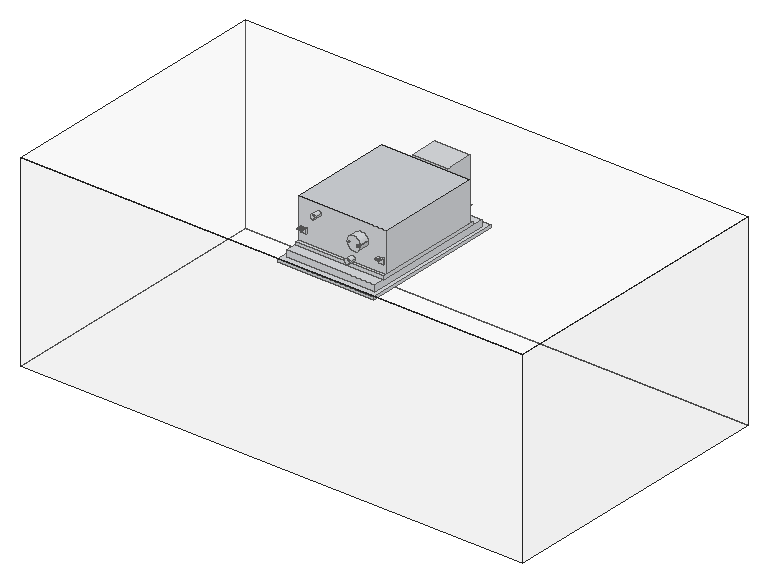
Revit family "plfy-p22_140lmg7_50Hz_pac-kg11of", category 機械設備, Revit 2019
Family settings
  丸型コネクタ寸法 = 直径を使用
  パーツ タイプ = 標準
  OmniClass 番号 = 23.75.10.24.21.27.27
  OmniClass タイトル = Split System Air Conditioning Units
  作業面ベース = いいえ
  常に垂直 = はい
  ロード時にボイドで切り取り = いいえ
  共有 = いいえ
  部屋計算ポイント = はい
Parameters (values of type "PLFY-P22LMG7")
  風量（弱）（m3／min） = 6.5
  風量（中2）（m3／min） = 7.5
  風量（中1）（m3／min） = 8.5
  風量（m3／min） = 9.5
  風量 = MAX風量  # 570.0 m³/h
  音響パワーレベル（弱）(dB) = 49
  音響パワーレベル（中2）(dB) = 51
  音響パワーレベル（中1）(dB) = 52
  音響パワーレベル(dB) = 53
  電源種別 = ""
  電源_H = 0 mm
  電圧_電気ヒーター = 0 V
  電圧 = 200 V
  電動機出力_送風機 = 0.05 kW
  運転質量 = 0.00 kg
  連動 = ""
  質量 = if(製品質量 > 運転質量, 製品質量, 運転質量) * 1.2  # 24.00 kg
  負荷分類 = 3_ファン類
  説明 = "ビル用マルチエアコン 天井カセット形(2方向吹出)室内機"
  設計暖房能力 = 0.00 kW
  設計冷房能力_顕熱 = 0 kW
  設計冷房能力 = 0 kW
  設置方法 = "カセット形"
  記号 = ""
  製造元 = "三菱電機株式会社"
  製品質量 = 20.00 kg
  製品出荷対象 = "国内"
  製品リリース年月 = "2020/7/22"
  製品グループ = ""
  系統 = ""
  符号 = "ACP_CK2"
  積算_科目 = "1 空気調和設備"
  積算_拾い区分 [instance] = ""
  相_電気ヒーター = 1
  相 = 1
  盤記号 = ""
  発停方法 = "付属スイッチ"
  特殊仕様 = ""
  火災停止 = ""
  消費電力_電気ヒーター = 0.00 kW
  消費電力_暖房 = 0.03 kW
  消費電力_加湿器 = 0.00 kW
  消費電力_冷房 = 0.03 kW
  消費電力 = if(消費電力_冷房 > 消費電力_暖房, 消費電力_冷房, 消費電力_暖房) + 消費電力_加湿器 + 消費電力_電気ヒーター  # 0.03 kW
  法定耐用年数 = "15"
  機外静圧 = 0.0 Pa
  極数 = 3
  材質 = ""
  本体マテリアル = none
  有効加湿量 = 0
  暖房能力 = 2.50 kW
  推奨ブレーカー容量 = 15 A
  形式_加湿器 = ""
  形式 = "カセット形（2方向吹出形）"
  幹線記号 = ""
  始動方式 = ""
  外気量 = 0.0 m³/h
  呼称 = "室内機_カセット形(2方向吹出形)"
  周波数 = 50 Hz
  吊り位置Y = 824 mm
  吊り位置X = 574 mm
  吊りボルト_H = 167 mm
  台数_手元リモコン = ""
  台数_冷媒分岐ユニット = ""
  参照している仕様書等のバージョン = "公共建築工事標準仕様書（機械設備工事編）平成31年度版"
  加湿給水管径 = 0 mm
  分類コード = "50053003221020"
  分類グループ = ""
  冷房能力 = 2.2 kW
  冷媒高低圧ガス管径 = 0 mm
  冷媒管径符号 = "Ac"
  冷媒管径 = 100 mm
  冷媒液管高さ = 235 mm
  冷媒液管長さ = 67 mm
  冷媒液管径 = 6.35 mm
  冷媒ガス管高さ = 235 mm
  冷媒ガス管長さ = 78 mm
  冷媒ガス管径 = 12.7 mm
  企業コード = ""
  付属品_フィルター = ""
  付属品 = ""
  仕様書バージョン = "Version1.0"
  モデル = "PLFY-P22LMG7"
  パネルマテリアル = none
  ドレン管高さ = 297 mm
  ドレン管径 = 32 mm
  ダクト径 = 150 mm
  サービススペース = yes
  コメント [instance] = ""
  ケーブル種類 = ""
  ケーブルサイズ = 1.6 mm
  Width = 650 mm
  Version = ""
  Uniclass2015Version = "Systems v1.9"
  Uniclass2015Title = "Split coil remote air cooled condensing units"
  Uniclass2015Code = "Pr_70_65_03_84"
  URL = "https://www.mitsubishielectric.co.jp/ldg/wink/ssl/displayProduct.do?pid=307542"
  SpecificationReference = ""
  SpecificationDescription = ""
  S_H = 364 mm
  Revision = ""
  ProductInformation = ""
  OmniClassCode = "23-751024212727"
  MIN風量 = 風量（弱）（m3／min） * 60.0 m³/h  # 390.0 m³/h
  MID風量2 = 風量（中2）（m3／min） * 60.0 m³/h  # 450.0 m³/h
  MID風量 = 風量（中1）（m3／min） * 60.0 m³/h  # 510.0 m³/h
  MAX風量 = 風量（m3／min） * 60.0 m³/h  # 570.0 m³/h
  IfcTypeProduct = ""
  IfcProduct = ""
  IfcExportType = "AIRCONDITIONINGUNIT"
  IfcExportAs = "IfcUnitaryEquipmentType"
  Height = 290 mm
  Depth = 770 mm
  Clearance Top = 357 mm
  Clearance Right = 1500 mm
  Clearance Left = 1500 mm
  Clearance Front = 500 mm
  Clearance Bottom = 1000 mm
  Clearance Back = 500 mm
  Author = "三菱電機株式会社"
Types (11, lengths in mm): name | 風量（弱）（m3／min） | 風量（中2）（m3／min） | 風量（中1）（m3／min） | 風量（m3／min） | 風量 | 音響パワーレベル（弱）(dB) | 音響パワーレベル（中2）(dB) | 音響パワーレベル（中1）(dB) | 音響パワーレベル(dB) | 電動機出力_送風機 | 質量 | 製品質量 | 消費電力_暖房 | 消費電力_冷房 | 消費電力 | 暖房能力 | 吊り位置Y | 冷房能力 | 冷媒管径符号 | 冷媒液管長さ | 冷媒液管径 | 冷媒ガス管長さ | 冷媒ガス管径 | モデル | ダクト径 | URL | S_H | MIN風量 | MID風量2 | MID風量 | MAX風量 | Height | Depth | Clearance Top
  (no name) | 6.5 | 7.5 | 8.5 | 9.5 | 570.0 m³/h | 49 | 51 | 52 | 53 | 0.05 kW | 24.00 kg | 20.00 kg | 0.03 kW | 0.03 kW | 0.03 kW | 2.50 kW | 824 | 2.2 kW | "Ac" | 67 | 6.35 | 78 | 12.7 | "PLFY-P22LMG7" | 150 | "https://www.mitsubishielectric.co.jp/ldg/wink/ssl/displayProduct.do?pid=307542" | 364 | 390.0 m³/h | 450.0 m³/h | 510.0 m³/h | 570.0 m³/h | 290 | 770 | 357
  PLFY-P22LMG7 | 6.5 | 7.5 | 8.5 | 9.5 | 570.0 m³/h | 49 | 51 | 52 | 53 | 0.05 kW | 24.00 kg | 20.00 kg | 0.03 kW | 0.03 kW | 0.03 kW | 2.50 kW | 824 | 2.2 kW | "Ac" | 67 | 6.35 | 78 | 12.7 | "PLFY-P22LMG7" | 150 | "https://www.mitsubishielectric.co.jp/ldg/wink/ssl/displayProduct.do?pid=307542" | 364 | 390.0 m³/h | 450.0 m³/h | 510.0 m³/h | 570.0 m³/h | 290 | 770 | 357
  PLFY-P28LMG7 | 6.5 | 7.5 | 8.5 | 9.5 | 570.0 m³/h | 49 | 51 | 52 | 53 | 0.05 kW | 24.00 kg | 20.00 kg | 0.03 kW | 0.03 kW | 0.03 kW | 3.20 kW | 824 | 2.8 kW | "Ac" | 67 | 6.4 | 78 | 12.7 | "PLFY-P28LMG7" | 172 | "https://www.mitsubishielectric.co.jp/ldg/wink/ssl/displayProduct.do?pid=307511" | 364 | 390.0 m³/h | 450.0 m³/h | 510.0 m³/h | 570.0 m³/h | 290 | 770 | 357
  PLFY-P36LMG7 | 6.5 | 8 | 9 | 10 | 600.0 m³/h | 50 | 51 | 52 | 53 | 0.05 kW | 25.20 kg | 21.00 kg | 0.03 kW | 0.03 kW | 0.03 kW | 4.00 kW | 824 | 3.6 kW | "Ac" | 67 | 6.4 | 78 | 12.7 | "PLFY-P36LMG7" | 172 | "https://www.mitsubishielectric.co.jp/ldg/wink/ssl/displayProduct.do?pid=307543" | 364 | 390.0 m³/h | 480.0 m³/h | 540.0 m³/h | 600.0 m³/h | 290 | 770 | 357
  PLFY-P45LMG7 | 7 | 8.5 | 9.5 | 10.5 | 630.0 m³/h | 51 | 54 | 55 | 56 | 0.05 kW | 25.20 kg | 21.00 kg | 0.04 kW | 0.04 kW | 0.04 kW | 5.00 kW | 824 | 4.5 kW | "Ac" | 67 | 6.4 | 78 | 12.7 | "PLFY-P45LMG7" | 172 | "https://www.mitsubishielectric.co.jp/ldg/wink/ssl/displayProduct.do?pid=307544" | 364 | 420.0 m³/h | 510.0 m³/h | 570.0 m³/h | 630.0 m³/h | 290 | 770 | 357
  PLFY-P56LMG7 | 9 | 11 | 12 | 13 | 780.0 m³/h | 53 | 55 | 56 | 57 | 0.05 kW | 28.80 kg | 24.00 kg | 0.05 kW | 0.05 kW | 0.05 kW | 6.30 kW | 994 | 5.6 kW | "Ac" | 67 | 6.4 | 78 | 12.7 | "PLFY-P56LMG7" | 172 | "https://www.mitsubishielectric.co.jp/ldg/wink/ssl/displayProduct.do?pid=307512" | 364 | 540.0 m³/h | 660.0 m³/h | 720.0 m³/h | 780.0 m³/h | 290 | 940 | 357
  PLFY-P71LMG7 | 10.5 | 12.5 | 15 | 16.5 | 990.0 m³/h | 55 | 58 | 59 | 60 | 0.05 kW | 31.20 kg | 26.00 kg | 0.07 kW | 0.07 kW | 0.07 kW | 8.00 kW | 994 | 7.1 kW | "Bd" | 67 | 9.5 | 78 | 15.9 | "PLFY-P71LMG7" | 172 | "https://www.mitsubishielectric.co.jp/ldg/wink/ssl/displayProduct.do?pid=307545" | 364 | 630.0 m³/h | 750.0 m³/h | 900.0 m³/h | 990.0 m³/h | 290 | 940 | 357
  PLFY-P80LMG7 | 13.5 | 15 | 16.5 | 19 | 1140.0 m³/h | 56 | 58 | 59 | 60 | 0.10 kW | 49.20 kg | 41.00 kg | 0.06 kW | 0.06 kW | 0.06 kW | 9.00 kW | 1494 | 8 kW | "Bd" | 71 | 9.5 | 83 | 15.9 | "PLFY-P80LMG7" | 172 | "https://www.mitsubishielectric.co.jp/ldg/wink/ssl/displayProduct.do?pid=307546" | 405 | 810.0 m³/h | 900.0 m³/h | 990.0 m³/h | 1140.0 m³/h | 331 | 1440 | 398
  PLFY-P90LMG7 | 15.5 | 18 | 20 | 22.5 | 1350.0 m³/h | 57 | 59 | 60 | 61 | 0.10 kW | 49.20 kg | 41.00 kg | 0.08 kW | 0.08 kW | 0.08 kW | 10.00 kW | 1494 | 9 kW | "Bd" | 71 | 9.5 | 83 | 15.9 | "PLFY-P90LMG7" | 172 | "https://www.mitsubishielectric.co.jp/ldg/wink/ssl/displayProduct.do?pid=307513" | 405 | 930.0 m³/h | 1080.0 m³/h | 1200.0 m³/h | 1350.0 m³/h | 331 | 1440 | 398
  PLFY-P112LMG7 | 18 | 20 | 23.5 | 26 | 1560.0 m³/h | 59 | 61 | 62 | 63 | 0.10 kW | 54.00 kg | 45.00 kg | 0.10 kW | 0.10 kW | 0.10 kW | 12.50 kW | 1494 | 11.2 kW | "Bd" | 71 | 9.5 | 83 | 15.9 | "PLFY-P112LMG7" | 172 | "https://www.mitsubishielectric.co.jp/ldg/wink/ssl/displayProduct.do?pid=307547" | 405 | 1080.0 m³/h | 1200.0 m³/h | 1410.0 m³/h | 1560.0 m³/h | 331 | 1440 | 398
  PLFY-P140LMG7 | 23 | 26.5 | 28.5 | 31.5 | 1890.0 m³/h | 63 | 64 | 67 | 69 | 0.24 kW | 56.40 kg | 47.00 kg | 0.20 kW | 0.20 kW | 0.20 kW | 16.00 kW | 1494 | 14 kW | "Bd" | 71 | 9.5 | 83 | 15.9 | "PLFY-P140LMG7" | 172 | "https://www.mitsubishielectric.co.jp/ldg/wink/ssl/displayProduct.do?pid=307548" | 405 | 1380.0 m³/h | 1590.0 m³/h | 1710.0 m³/h | 1890.0 m³/h | 331 | 1440 | 398
Reference planes
  plane 1 "中心(正面/背面)": y = 0
  plane 2: z = 0
  plane 3 "中心(左/右)": x = 0
  plane 4: x = -355
  plane 5: x = 355
  plane 6: y = 540
  plane 7: y = -540
  plane 8: z = 357
  plane 9: z = 364
  plane 10: x = -287
  plane 11: x = 287
  plane 12: y = 412
  plane 13: y = -412
  plane 14: z = 67
  plane 15: y = 385
  plane 16: y = -385
  plane 17: x = -325
  plane 18: x = 325
  plane 19: x = -1855
  plane 20: x = 1855
  plane 21: y = 1040
  plane 22: y = -1040
  plane 23: z = 357
  plane 24: z = -20
  plane 25: z = -1020
  plane 26 "外気取入ダクトフランジ": z = 138
Dimensions and locks
  equal spacing: plane 4, plane 3 "中心(左/右)", plane 5
  plane 4 to plane 5 = 710 mm
  equal spacing: plane 7, plane 1 "中心(正面/背面)", plane 6
  plane 7 to plane 6 = 1080 mm
  locked: plane 12 to plane 6 at 128
  plane 7 to plane 13 = 128 mm
  plane 4 to plane 10 = 68 mm
  plane 11 to plane 5 = 68 mm
  "S_H": plane 9 to level
  "吊り位置X": plane 10 to plane 11
  equal spacing: plane 10, plane 3 "中心(左/右)", plane 11
  equal spacing: plane 13, plane 1 "中心(正面/背面)", plane 12
  "吊り位置Y": plane 13 to plane 12
  equal spacing: plane 16, plane 1 "中心(正面/背面)", plane 15
  "Depth": plane 16 to plane 15
  equal spacing: plane 17, plane 3 "中心(左/右)", plane 18
  "Width": plane 17 to plane 18
  locked: plane 14 to level at 67
  "Height": plane 8 to plane 14
  "Clearance Left": plane 19 to plane 4
  "Clearance Right": plane 5 to plane 20
  "Clearance Back": plane 6 to plane 21
  "Clearance Front": plane 22 to plane 7
  locked: level to plane 24 at 20
  "Clearance Bottom": plane 24 to plane 25
  "Clearance Top": plane 23 to level
  plane 26 "外気取入ダクトフランジ" to level = 138 mm
  aligned and locked: level to plane 2
  aligned and locked: plane 10 to nested 2
  aligned and locked: plane 11 to nested 2
  aligned and locked: nested 2 to plane 12
  aligned and locked: plane 13 to nested 2
  aligned and locked: plane 1 "中心(正面/背面)" to nested 3
  aligned and locked: nested 3 to plane 3 "中心(左/右)"
  aligned and locked: plane 19 to nested 1
  aligned and locked: plane 20 to nested 1
  aligned and locked: nested 1 to plane 22
  aligned and locked: nested 1 to plane 21
  aligned and locked: plane 23 to nested 1
  aligned and locked: plane 25 to nested 1
  aligned and locked: plane 15 to nested 4
Nested families
  nested 1: "サービススペース" at (0, 0, -331.5), visible <- "サービススペース", type "サービススペース"
    with Width 3710 mm, Height 1377 mm, Depth 2080 mm
  nested 2: "固定点" at (-287, -412, 0), type "固定点"
    with W 574 mm, D 824 mm
  nested 3: "PLFY-P○○○LMG7" at (0, 0, 0) x (0, -1, 0) z (0, 0, 1), type "PLFY-P○○○LMG7"
    with ユニット表示 yes, ドレン配管サイズ 32 mm
  nested 4: "外気取入ダクトフランジ" at (0, 423, 241), type "外気取入ダクトフランジ"
Connectors
  piping at (138, -452, 235), diameter 100, driven by "冷媒管径", driven by "冷媒管径符号"
    settings: on nested 3, index 1, connector inside diameter 609.6 mm, connector length 0 mm, flow factor 0, pipe flow 0.0 L/s, pressure drop 0.0 Pa, fitting loss kfactor 0, connector angle 0.00°, fixture units 0, engagement length 0 mm, angle of deflection 0.00°, flow configuration 0, flow direction 1, fitting loss method 4, system type 7, joint type 0, gender type 0, connector reference index -1, connector utility 0, adjustable connector no, is connector primary yes, connector description "Ac"
  piping at (-175, -442, 297), diameter 32, driven by "ドレン管径"
    settings: on nested 3, index 2, connector inside diameter 609.6 mm, connector length 0 mm, flow factor 0, pipe flow 0.0 L/s, pressure drop 0.0 Pa, fitting loss kfactor 0, connector angle 0.00°, fixture units 0, engagement length 0 mm, angle of deflection 0.00°, flow configuration 0, flow direction 2, fitting loss method 4, system type 16, joint type 0, gender type 0, connector reference index -1, connector utility 0, adjustable connector no, is connector primary no, connector description ""
  electrical at (75, -435, 85), driven by "極数", driven by "負荷分類", driven by "電圧", driven by "消費電力"
    settings: on nested 3, index 3, voltage 200 V, apparent load 30 VA, apparent load phase1 0 VA, apparent load phase2 0 VA, apparent load phase3 0 VA, power factor 1, load classification "3_ファン類", number of poles 3, system type 30, power factor state 1, is connector primary yes, connector utility no, sub classification motor no, connector description ""
  hvac at (0, 526, 344), driven by "ダクト径", driven by "外気量"
    settings: on nested 4, index 4, duct flow 0.0 m³/h, flow factor 0, pres drop 0.0 Pa, loss coef 0, conn angle 0.00°, conn width 304.8 mm, conn height 304.8 mm, conn diameter 150 mm, duct sys type 1, conn prof type 0, flow config 0, flow direction 0, loss method 0, conn ref index -1, conn util no, is conn primary yes, conn desc ""
  hvac at (128, 526, 241), driven by "ダクト径", driven by "外気量"
    settings: on nested 4, index 5, duct flow 0.0 m³/h, flow factor 0, pres drop 0.0 Pa, loss coef 0, conn angle 0.00°, conn width 304.8 mm, conn height 304.8 mm, conn diameter 150 mm, duct sys type 1, conn prof type 0, flow config 0, flow direction 0, loss method 0, conn ref index -1, conn util no, is conn primary no, conn desc ""
  hvac at (0, 629, 241), driven by "ダクト径", driven by "外気量"
    settings: on nested 4, index 6, duct flow 0.0 m³/h, flow factor 0, pres drop 0.0 Pa, loss coef 0, conn angle 0.00°, conn width 304.8 mm, conn height 304.8 mm, conn diameter 150 mm, duct sys type 1, conn prof type 0, flow config 0, flow direction 0, loss method 0, conn ref index -1, conn util no, is conn primary no, conn desc ""
  hvac at (-128, 526, 241), driven by "ダクト径", driven by "外気量"
    settings: on nested 4, index 7, duct flow 0.0 m³/h, flow factor 0, pres drop 0.0 Pa, loss coef 0, conn angle 0.00°, conn width 304.8 mm, conn height 304.8 mm, conn diameter 150 mm, duct sys type 1, conn prof type 0, flow config 0, flow direction 0, loss method 0, conn ref index -1, conn util no, is conn primary no, conn desc ""
Definition of nested family "サービススペース"
  Parameters (values of type "サービススペース")
    Width [instance] = 500 mm
    Height [instance] = 500 mm
    Depth [instance] = 500 mm
  Reference planes
    plane 1 "中心(正面/背面)": y = 0
    plane 2: z = 0
    plane 3 "中心(左/右)": x = 0
    plane 4: y = -250
    plane 5: x = 250
    plane 6: y = 250
    plane 7: x = -250
    plane 8: z = 250
    plane 9: z = -250
  Forms (mm)
    Extrusion 1, solid
      sketch origin (-638.939, 0, 72.39) x (1, 0, 0) y (0, 1, 0)
        loop
          line (388.939, 250) -> (388.939, -250) -> (888.939, -250) -> (888.939, 250) -> (388.939, 250)
      from -322.39 to 177.61
  Lines and regions (mm)
    symbolic lines
      curve 1: line (-250, 0, 250) -> (250, 0, 250)
      curve 2: line (-250, 0, -250) -> (-250, 0, 250)
      curve 3: line (250, 0, -250) -> (-250, 0, -250)
      curve 4: line (250, 0, 250) -> (250, 0, -250)
      curve 5: line (0, -250, 250) -> (0, 250, 250)
      curve 6: line (0, -250, -250) -> (0, -250, 250)
      curve 7: line (0, 250, -250) -> (0, -250, -250)
      curve 8: line (0, 250, 250) -> (0, 250, -250)
      curve 9: line (-250, 250, 0) -> (250, 250, 0)
      curve 10: line (-250, -250, 0) -> (-250, 250, 0)
      curve 11: line (250, -250, 0) -> (-250, -250, 0)
      curve 12: line (250, 250, 0) -> (250, -250, 0)
  Dimensions and locks
    equal spacing: plane 7, plane 3 "中心(左/右)", plane 5
    equal spacing: plane 4, plane 1 "中心(正面/背面)", plane 6
    "Depth": plane 4 to plane 6
    "Width": plane 7 to plane 5
    equal spacing: plane 8, plane 2, plane 9
    "Height": plane 8 to plane 9
    aligned and locked: plane 9 to curve 3
    aligned and locked: plane 7 to curve 2
    aligned and locked: curve 4 to plane 5
    aligned and locked: plane 5 to Extrusion 1
    aligned and locked: Extrusion 1 to plane 7
    aligned and locked: Extrusion 1 to plane 9
    aligned and locked: plane 8 to Extrusion 1
    aligned and locked: plane 9 to curve 7
  Automatic sketch dimensions
    plane 4 to Extrusion 1 sketch curve = 0 mm
    Extrusion 1 sketch curve to plane 7 = 0 mm
    Extrusion 1 sketch curve to plane 5 = 0 mm
    plane 6 to Extrusion 1 sketch curve = 0 mm
    curve 2 to plane 8 = 0 mm
    plane 4 to curve 11 = 0 mm
    curve 11 to plane 7 = 0 mm
    curve 11 to plane 5 = 0 mm
    plane 6 to curve 10 = 0 mm
    curve 7 to plane 4 = 0 mm
    curve 7 to plane 6 = 0 mm
    curve 6 to plane 8 = 0 mm
Definition of nested family "PLFY-P○○○LMG7"
  Parameters (values of type "PLFY-P○○○LMG7")
    配線取出口サイズ = 36 mm
    配線取出口-Z = 85 mm
    配線取出口-Y = 250 mm
    配線取出口-X = 50 mm
    液配管サイズ = 6.35 mm
    A = 幅さ + 310 mm  # 1080 mm
    高さ = 290 mm
    奥行き = 650 mm
    吊りボルト_H = 167 mm
    冷媒配管 = 100 mm
    冷媒液管径-Z = 235 mm
    冷媒液管径-Y = 222 mm
    冷媒液管径-X = 67 mm
    冷媒ガス管径-Z = 235 mm
    冷媒ガス管径-Y = 152 mm
    冷媒ガス管径-X = 78 mm
    ユニット表示 [instance] = yes
    ボルトピッチ = 574 mm
    ドレン配管サイズ = 25 mm
    ドレン管径-Z = 297 mm
    ドレン管径-Y = 500 mm
    ドレン管径-X = 57 mm
    ガス配管サイズ = 12.7 mm
    D = 幅さ + 54 mm  # 824 mm
    幅さ = 770 mm
    B = 幅さ + 270 mm  # 1040 mm
  Reference planes
    plane 1 "中心(正面/背面)": y = 0
    plane 2: z = 0
    plane 3 "中心(左/右)": x = 0
    plane 4: x = -540
    plane 5: x = 540
    plane 6: y = 355
    plane 7: y = -355
    plane 8: z = 357
    plane 9: z = -20
    plane 10: x = -385
    plane 11: x = 385
    plane 12: y = 325
    plane 13: y = -325
    plane 14: z = 45
    plane 15: x = -520
    plane 16: x = 520
    plane 17: x = 412
    plane 18: x = -412
    plane 19: z = 67
    plane 20: x = 490
    plane 21: x = -490
    plane 22: y = 287
    plane 23: y = -287
    plane 24: x = 463
    plane 25: y = 173
    plane 26: z = 235
    plane 27: x = 452
    plane 28: y = 103
    plane 29: x = 442
    plane 30: y = -175
    plane 31: z = 297
    plane 32: z = 364
    plane 33: y = 50
    plane 34: x = 435
    plane 35: y = 75
    plane 36: z = 85
    plane 37: z = 167
    plane 38: z = 165
    plane 39: z = 125
    plane 40: y = 307
    plane 41: y = 267
    plane 42: y = -267
    plane 43: y = -307
    plane 44: y = 292
    plane 45: y = 282
    plane 46: y = -282
    plane 47: y = -292
    plane 48: x = -425
    plane 49: x = 425
    plane 50: x = -387
    plane 51: x = 387
  Forms (mm)
    Extrusion 1, solid, visible <- "ユニット表示", detail levels fine
      sketch origin (0, 0, 0) x (1, 0, 0) y (0, 1, 0)
        loop
          line (-385, 325) -> (-385, -325) -> (385, -325) -> (385, 325) -> (-385, 325)
      from 67 to 357
    Extrusion 2, solid, visible <- "ユニット表示", detail levels fine
      sketch origin (-1437.329, -1524, 45) x (-1, 0, 0) y (0, -1, 0)
        loop
          line (-1025.329, -1849) -> (-1025.329, -1199) -> (-1849.329, -1199) -> (-1849.329, -1849) -> (-1025.329, -1849)
      from 0 to 22
    Extrusion 3, solid, visible <- "ユニット表示", detail levels fine
      sketch origin (-1437.329, -1524, 45) x (-1, 0, 0) y (0, -1, 0)
        loop
          line (-947.329, -1849) -> (-947.329, -1199) -> (-1927.329, -1199) -> (-1927.329, -1849) -> (-947.329, -1849)
      from 0 to -45
    Extrusion 4, solid, visible <- "ユニット表示", detail levels fine
      sketch origin (385, 1296.25, 1200) x (0, 1, 0) y (0, 0, 1)
        loop
          circle (-1123.25, -965) r 6.35
      from 0 to 78
    Extrusion 5, solid, visible <- "ユニット表示", detail levels fine
      sketch origin (385, 1296.25, 1200) x (0, 1, 0) y (0, 0, 1)
        loop
          circle (-1193.25, -965) r 3.175
      from 0 to 67
    Extrusion 6, solid, visible <- "ユニット表示", detail levels fine
      sketch origin (385, 1296.25, 1200) x (0, 1, 0) y (0, 0, 1)
        loop
          circle (-1471.25, -903) r 12.5
      from 0 to 57
    Extrusion 7, solid, visible <- "ユニット表示", detail levels fine
      sketch origin (385, 1296.25, 1200) x (0, 1, 0) y (0, 0, 1)
        loop
          circle (-1221.25, -1115) r 18
      from 0 to 50
    Extrusion 8, solid, visible <- "ユニット表示", detail levels fine
      sketch origin (385, 1296.25, 1200) x (0, 1, 0) y (0, 0, 1)
        loop
          circle (-1158.25, -965) r 50
      from 0 to 67
    Extrusion 9, solid, visible <- "ユニット表示"
      sketch origin (0, 0, 0) x (1, 0, 0) y (0, 1, 0)
        loop
          line (-540, 355) -> (-540, -355) -> (540, -355) -> (540, 355) -> (-540, 355)
      from 0 to -20
    Extrusion 10, solid, visible <- "ユニット表示", detail levels fine
      sketch origin (0, 0, 0) x (1, 0, 0) y (0, 1, 0)
        loop
          line (-407, 292) -> (-407, 282)
          arc (-407, 282) -> (-412, 277) -> (-417, 282) r 5
          line (-417, 282) -> (-425, 282) -> (-425, 267) -> (-385, 267) -> (-385, 307) -> (-425, 307) -> (-425, 292) -> (-417, 292)
          arc (-417, 292) -> (-412, 297) -> (-407, 292) r 5
        loop
          arc (407, 292) -> (412, 297) -> (417, 292) r 5
          line (417, 292) -> (425, 292) -> (425, 307) -> (385, 307) -> (385, 267) -> (425, 267) -> (425, 282) -> (417, 282)
          arc (417, 282) -> (412, 277) -> (407, 282) r 5
          line (407, 282) -> (407, 292)
        loop
          line (407, -292) -> (407, -282)
          arc (407, -282) -> (412, -277) -> (417, -282) r 5
          line (417, -282) -> (425, -282) -> (425, -267) -> (385, -267) -> (385, -307) -> (425, -307) -> (425, -292) -> (417, -292)
          arc (417, -292) -> (412, -297) -> (407, -292) r 5
        loop
          arc (-407, -292) -> (-412, -297) -> (-417, -292) r 5
          line (-417, -292) -> (-425, -292) -> (-425, -307) -> (-385, -307) -> (-385, -267) -> (-425, -267) -> (-425, -282) -> (-417, -282)
          arc (-417, -282) -> (-412, -277) -> (-407, -282) r 5
          line (-407, -282) -> (-407, -292)
      from 165 to 167
    Extrusion 11, solid, visible <- "ユニット表示", detail levels fine
      sketch origin (0, 0, 0) x (1, 0, 0) y (0, 1, 0)
        loop
          line (-387, 307) -> (-387, 267) -> (-385, 267) -> (-385, 307) -> (-387, 307)
        loop
          line (385, 307) -> (385, 267) -> (387, 267) -> (387, 307) -> (385, 307)
        loop
          line (385, -267) -> (385, -307) -> (387, -307) -> (387, -267) -> (385, -267)
        loop
          line (-387, -267) -> (-387, -307) -> (-385, -307) -> (-385, -267) -> (-387, -267)
      from 125 to 165
  Dimensions and locks
    equal spacing: plane 7, plane 1 "中心(正面/背面)", plane 6
    plane 7 to plane 6 = 710 mm
    equal spacing: plane 4, plane 3 "中心(左/右)", plane 5
    "A": plane 4 to plane 5
    locked: level to plane 9 at 20
    equal spacing: plane 13, plane 1 "中心(正面/背面)", plane 12
    "奥行き": plane 13 to plane 12
    equal spacing: plane 10, plane 3 "中心(左/右)", plane 11
    "幅さ": plane 10 to plane 11
    locked: plane 14 to level at 45
    equal spacing: plane 15, plane 3 "中心(左/右)", plane 16
    "B": plane 15 to plane 16
    equal spacing: plane 18, plane 3 "中心(左/右)", plane 17
    "D": plane 18 to plane 17
    locked: plane 19 to plane 14 at 22
    locked: plane 15 to plane 21 at 30
    locked: plane 20 to plane 16 at 30
    equal spacing: plane 23, plane 1 "中心(正面/背面)", plane 22
    "ボルトピッチ": plane 23 to plane 22
    "冷媒ガス管径-X": plane 11 to plane 24
    "冷媒ガス管径-Y": plane 25 to plane 12
    "冷媒液管径-X": plane 11 to plane 27
    "冷媒液管径-Y": plane 28 to plane 12
    "ドレン管径-X": plane 11 to plane 29
    "ドレン管径-Y": plane 30 to plane 12
    plane 32 to plane 8 = 7 mm
    "配線取出口-X": plane 11 to plane 34
    "配線取出口-Y": plane 35 to plane 12
    "配線取出口-Z": plane 36 to level
    "ドレン管径-Z": plane 31 to level
    "冷媒ガス管径-Z": plane 26 to level
    locked: plane 38 to plane 39 at 40
    locked: plane 37 to plane 38 at 2
    "吊りボルト_H": plane 37 to level
    plane 43 to plane 23 to plane 42 = 20 mm locked, 20 mm locked
    plane 41 to plane 22 to plane 40 = 20 mm locked, 20 mm locked
    plane 47 to plane 23 to plane 46 = 5 mm locked, 5 mm locked
    plane 45 to plane 22 to plane 44 = 5 mm locked, 5 mm locked
    locked: plane 48 to plane 10 at 40
    locked: plane 11 to plane 49 at 40
    locked: plane 11 to plane 51 at 2
    locked: plane 50 to plane 10 at 2
    "高さ": plane 8 to plane 19
    "ガス配管サイズ": diameter of Extrusion 4 sketch curve
    "液配管サイズ": diameter of Extrusion 5 sketch curve
    "ドレン配管サイズ": diameter of Extrusion 6 sketch curve
    "配線取出口サイズ": diameter of Extrusion 7 sketch curve
    "冷媒配管": diameter of Extrusion 8 sketch curve
    aligned and locked: level to plane 2
    aligned and locked: plane 12 to Extrusion 1 sketch curve
    aligned and locked: plane 10 to Extrusion 1 sketch curve
    aligned and locked: Extrusion 1 sketch curve to plane 13
    aligned and locked: Extrusion 1 sketch curve to plane 11
    aligned and locked: plane 8 to Extrusion 1
    aligned and locked: plane 12 to Extrusion 2 sketch curve
    aligned and locked: plane 18 to Extrusion 2 sketch curve
    aligned and locked: Extrusion 2 sketch curve to plane 13
    aligned and locked: Extrusion 2 sketch curve to plane 17
    aligned and locked: plane 19 to Extrusion 2
    aligned and locked: Extrusion 1 to Extrusion 2
    aligned and locked: plane 12 to Extrusion 3 sketch curve
    aligned and locked: plane 21 to Extrusion 3 sketch curve
    aligned and locked: Extrusion 3 sketch curve to plane 13
    aligned and locked: Extrusion 3 sketch curve to plane 20
    aligned and locked: Extrusion 3 to level
    aligned and locked: plane 14 to Extrusion 3
    aligned and locked: plane 26 to Extrusion 4 sketch curve
    aligned and locked: plane 25 to Extrusion 4 sketch curve
    aligned and locked: Extrusion 4 to plane 11
    aligned and locked: plane 24 to Extrusion 4
    aligned and locked: plane 26 to Extrusion 5 sketch curve
    aligned and locked: plane 28 to Extrusion 5 sketch curve
    aligned and locked: plane 27 to Extrusion 5
    aligned and locked: Extrusion 5 to plane 11
    aligned and locked: plane 31 to Extrusion 6 sketch curve
    aligned and locked: plane 30 to Extrusion 6 sketch curve
    aligned and locked: Extrusion 6 to plane 11
    aligned and locked: plane 29 to Extrusion 6
    aligned and locked: plane 36 to Extrusion 7 sketch curve
    aligned and locked: plane 35 to Extrusion 7 sketch curve
    aligned and locked: Extrusion 7 to plane 11
    aligned and locked: plane 34 to Extrusion 7
    aligned and locked: plane 26 to Extrusion 8 sketch curve
    aligned and locked: Extrusion 8 to plane 11
    aligned and locked: plane 27 to Extrusion 8
    aligned and locked: level to Extrusion 9
    aligned and locked: Extrusion 9 to plane 9
    aligned and locked: Extrusion 10 sketch curve to plane 10
    aligned and locked: plane 37 to Extrusion 10
    aligned and locked: Extrusion 10 to plane 38
    aligned and locked: plane 40 to Extrusion 10 sketch curve
    aligned and locked: plane 48 to Extrusion 10 sketch curve  (x2)
    aligned and locked: Extrusion 10 sketch curve to plane 41
    aligned and locked: Extrusion 10 sketch curve to plane 45
    aligned and locked: Extrusion 10 sketch curve to plane 44
    aligned and locked: plane 44 to Extrusion 10 sketch curve  (x3)
    aligned and locked: plane 45 to Extrusion 10 sketch curve  (x3)
    aligned and locked: plane 18 to Extrusion 10 sketch curve  (x4)
    aligned and locked: plane 10 to Extrusion 10 sketch curve
    aligned and locked: Extrusion 10 sketch curve to plane 42
    aligned and locked: plane 43 to Extrusion 10 sketch curve
    aligned and locked: plane 47 to Extrusion 10 sketch curve  (x3)
    aligned and locked: plane 46 to Extrusion 10 sketch curve  (x3)
    aligned and locked: Extrusion 10 sketch curve to plane 46
    aligned and locked: Extrusion 10 sketch curve to plane 47
    aligned and locked: Extrusion 10 sketch curve to plane 48  (x2)
    aligned and locked: plane 11 to Extrusion 10 sketch curve
    aligned and locked: Extrusion 10 sketch curve to plane 49  (x2)
    aligned and locked: plane 17 to Extrusion 10 sketch curve  (x4)
    aligned and locked: Extrusion 10 sketch curve to plane 43
    aligned and locked: plane 42 to Extrusion 10 sketch curve
    aligned and locked: plane 49 to Extrusion 10 sketch curve  (x2)
    aligned and locked: plane 41 to Extrusion 10 sketch curve
    aligned and locked: Extrusion 10 sketch curve to plane 11
    aligned and locked: Extrusion 10 sketch curve to plane 40
    aligned and locked: plane 40 to Extrusion 11 sketch curve
    aligned and locked: plane 50 to Extrusion 11 sketch curve  (x2)
    aligned and locked: Extrusion 11 sketch curve to Extrusion 10  (x8)
    aligned and locked: Extrusion 11 sketch curve to plane 41
    aligned and locked: Extrusion 11 sketch curve to plane 51  (x2)
    aligned and locked: Extrusion 11 sketch curve to plane 43
    aligned and locked: plane 42 to Extrusion 11 sketch curve
    aligned and locked: Extrusion 11 to Extrusion 10
    aligned and locked: Extrusion 11 to plane 39
  Automatic sketch dimensions
    Extrusion 9 sketch curve to plane 4 = 0 mm
    Extrusion 9 sketch curve to plane 5 = 0 mm
    plane 7 to Extrusion 9 sketch curve = 0 mm
    plane 6 to Extrusion 9 sketch curve = 0 mm
    Extrusion 10 sketch curve to plane 18 = 5 mm  (x2)
    Extrusion 10 sketch curve to plane 17 = 5 mm  (x2)
    plane 25 to Extrusion 8 sketch curve = 35 mm
Definition of nested family "外気取入ダクトフランジ"
  Reference planes
    plane 1 "中心(正面/背面)": y = 0
    plane 2: z = 0
    plane 3 "中心(左/右)": x = 0
    plane 4: y = -206
    plane 5: z = 103
    plane 6: z = -103
    plane 7: x = 140
    plane 8: x = -140
    plane 9: x = -128
    plane 10: x = 128
    plane 11: y = 38
  Forms (mm)
    Extrusion 1, solid
      sketch origin (0, -103, 0) x (1, 0, 0) y (0, 1, 0)
        loop
          line (-128, 103) -> (-128, -103) -> (128, -103) -> (128, 103) -> (-128, 103)
      from -103 to 103
    Extrusion 2, solid
      sketch origin (0, 0, 0) x (1, 0, 0) y (0, 1, 0)
        loop
          line (-140, 38) -> (-140, -70.759) -> (140, -70.759) -> (140, 38) -> (-140, 38)
      from -170 to -103
  Lines and regions (mm)
    model lines
      curve 1: circle (0, -103, 103) r 75 normal (0, 0, -1)
      curve 2: circle (128, -103, 0) r 75 normal (-1, 0, 0)
      curve 3: circle (-128, -103, 0) r 75 normal (-1, 0, 0)
      curve 4: circle (0, -206, 0) r 75 normal (0, 1, 0)
  Dimensions and locks
    plane 8 to plane 7 = 280 mm
    plane 5 to plane 6 = 206 mm  (x2)
    plane 7 to plane 8 = 280 mm
    plane 10 to plane 9 = 256 mm
    plane 4 to plane 1 "中心(正面/背面)" = 206 mm  (x2)
    plane 4 to plane 11 = 244 mm  (x2)
    plane 9 to plane 10 = 256 mm
    aligned and locked: level to plane 2
Definition of nested family "固定点"
  Parameters (values of type "固定点")
    中心円 = 20 mm
    W [instance] = 1000 mm
    D [instance] = 1000 mm
  Reference planes
    plane 1 "中心(正面/背面)": y = 0
    plane 2: z = 0
    plane 3 "中心(左/右)": x = 0
    plane 4: x = 1000
    plane 5: y = 1000
  Lines and regions (mm)
    symbolic lines, detail levels fine
      curve 1: circle (0, 1000, 0) r 10 normal (0, 0, 1)
      curve 2: circle (0, 0, 0) r 10 normal (0, 0, 1)
      curve 3: circle (1000, 1000, 0) r 10 normal (0, 0, 1)
      curve 4: circle (1000, 0, 0) r 10 normal (0, 0, 1)
      curve 5: line (-200, 1000, 0) -> (1200, 1000, 0)
      curve 6: line (-200, 0, 0) -> (1200, 0, 0)
      curve 7: line (0, 1200, 0) -> (0, -200, 0)
      curve 8: line (1000, 1200, 0) -> (1000, -200, 0)
  Dimensions and locks
    "W": plane 3 "中心(左/右)" to plane 4
    "D": plane 1 "中心(正面/背面)" to plane 5
    "中心円": diameter of curve 1
    "中心円": diameter of curve 2
    "中心円": diameter of curve 3
    "中心円": diameter of curve 4
    aligned and locked: level to plane 2
    aligned and locked: plane 5 to curve 1
    aligned and locked: plane 3 "中心(左/右)" to curve 1
    aligned and locked: plane 3 "中心(左/右)" to curve 2
    aligned and locked: plane 1 "中心(正面/背面)" to curve 2
    aligned and locked: plane 4 to curve 3
    aligned and locked: plane 5 to curve 3
    aligned and locked: plane 1 "中心(正面/背面)" to curve 4
    aligned and locked: plane 4 to curve 4
    aligned and locked: plane 1 "中心(正面/背面)" to curve 6
    aligned and locked: curve 7 to plane 3 "中心(左/右)"
    aligned and locked: curve 8 to plane 4
  Automatic sketch dimensions
    curve 5 to plane 5 = 0 mm
    curve 6 to plane 3 "中心(左/右)" = 200 mm
    curve 5 to plane 3 "中心(左/右)" = 200 mm
    curve 4 to curve 6 = 200 mm
    curve 3 to curve 5 = 200 mm
    plane 1 "中心(正面/背面)" to curve 8 = 200 mm
    plane 1 "中心(正面/背面)" to curve 7 = 200 mm
    curve 3 to curve 8 = 200 mm
    curve 1 to curve 7 = 200 mm
